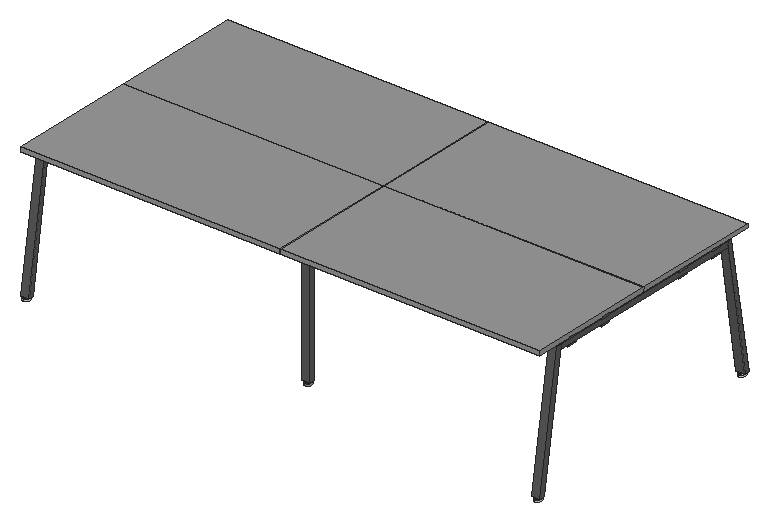
Revit family "Haworth_Tibas_Desk_BenchWorkstation_EU_PRELIMINARY", category Furniture, Revit 2019 (continued)
Definition of nested family "Haworth_Tibas_CableManagement_HorizontalCableTrayDoubleWire_PART"
  Definition of nested family "Haworth_Tibas_CableManagement_HorizontalCableTrayDoubleWire_200cm-PART"
    Forms (cm)
      Extrusion 6, solid, material <- "Trim Finish"
        sketch origin (-73.5538, -43.8373, 79.9569) x (0, 1, 0) y (0, 0, -1)
          loop
            arc (39.6242, 5.5787) -> (39.5594, 5.7352) -> (39.4029, 5.8) r 0.2213
            line (39.4029, 5.8) -> (39.1242, 5.8) -> (39.1242, 12.2277)
            arc (39.1242, 12.2277) -> (39.0591, 12.3849) -> (38.9019, 12.45) r 0.2223
            line (38.9019, 12.45) -> (24.7358, 12.45)
            arc (24.7358, 12.45) -> (24.3108, 12.025) -> (24.7358, 11.6) r 0.425
            line (24.7358, 11.6) -> (25.5117, 11.6) -> (25.5117, 11.8) -> (24.7376, 11.8)
            arc (24.7376, 11.8) -> (24.5126, 12.025) -> (24.7376, 12.25) r 0.225
            line (24.7376, 12.25) -> (38.9242, 12.25) -> (38.9242, 5.824)
            arc (38.9242, 5.824) -> (38.9898, 5.6656) -> (39.1482, 5.6) r 0.224
            line (39.1482, 5.6) -> (39.4242, 5.6) -> (39.4242, 3.0224)
            arc (39.4242, 3.0224) -> (39.4893, 2.8651) -> (39.6466, 2.8) r 0.2224
            line (39.6466, 2.8) -> (43.6542, 2.8)
        from -36.501 to -33.501
      Extrusion 7, solid, material <- "Trim Finish"
        sketch origin (-73.5538, -0.5092, 79.9725) x (0, -1, 0) y (0, 0, 1)
          loop
            line (43.6542, -2.8) -> (39.6466, -2.8)
            arc (39.6466, -2.8) -> (39.4893, -2.8651) -> (39.4242, -3.0224) r 0.2224
            line (39.4242, -3.0224) -> (39.4242, -5.6) -> (39.1482, -5.6)
            arc (39.1482, -5.6) -> (38.9898, -5.6656) -> (38.9242, -5.824) r 0.224
            line (38.9242, -5.824) -> (38.9242, -12.25) -> (24.7376, -12.25)
            arc (24.7376, -12.25) -> (24.5126, -12.025) -> (24.7376, -11.8) r 0.225
            line (24.7376, -11.8) -> (25.5117, -11.8) -> (25.5117, -11.6) -> (24.7358, -11.6)
            arc (24.7358, -11.6) -> (24.3108, -12.025) -> (24.7358, -12.45) r 0.425
            line (24.7358, -12.45) -> (38.9019, -12.45)
            arc (38.9019, -12.45) -> (39.0591, -12.3849) -> (39.1242, -12.2277) r 0.2223
            line (39.1242, -12.2277) -> (39.1242, -5.8) -> (39.4029, -5.8)
            arc (39.4029, -5.8) -> (39.5594, -5.7352) -> (39.6242, -5.5787) r 0.2213
            line (39.6242, -5.5787) -> (39.6242, -3) -> (43.6742, -3) -> (43.6742, -6) -> (43.8742, -6) -> (43.8742, -3.02)
            arc (43.8742, -3.02) -> (43.8098, -2.8644) -> (43.6542, -2.8) r 0.22
        from -36.501 to -33.501
    Cuts and joins
      Extrusion 2, Extrusion 3 cuts Extrusion 1
    Lines and regions (cm)
      Masking region 1
        outline origin (0, 0, 0) x (1, 0, 0) y (0, 1, 0)
          loop
            line (-79.1964, -4.3686) -> (-79.1964, -39.8686) -> (120.8036, -39.8686) -> (120.8036, -4.3686) -> (-79.1964, -4.3686)
    Dimensions and locks (cm)
      locked: plane 2 "Support Top" to level at 74.1363
      equal spacing: plane 3, plane 5, plane 4
      "Actual Width": plane 3 to plane 4
      equal spacing: plane 6, plane 8, plane 7 "Front"
      "Actual Depth": plane 7 "Front" to plane 6
      aligned and locked: cut or joined group of Extrusion 1, Extrusion 2, Extrusion 3 to plane 6
      aligned and locked: plane 4 to Extrusion 1
      aligned and locked: plane 3 to Extrusion 1
      aligned and locked: Masking region 1 sketch curve to plane 4
      aligned and locked: Masking region 1 sketch curve to plane 3
      aligned and locked: Masking region 1 sketch curve to plane 6
      aligned and locked: Masking region 1 sketch curve to plane 7 "Front"
    Automatic sketch dimensions
      Extrusion 1 sketch curve to plane 2 "Support Top" = 0 cm  (x2)
      Extrusion 1 sketch curve to plane 7 "Front" = 0 cm
      Extrusion 1 sketch curve to plane 6 = 0 cm
      Extrusion 1 sketch curve to plane 7 "Front" = 0.1923 cm
      Extrusion 1 sketch curve to Extrusion 1 sketch curve = 0.1959 cm
      Extrusion 1 sketch curve to Extrusion 1 sketch curve = 0.0044 cm
      Extrusion 1 sketch curve to plane 6 = 0.5112 cm
      Extrusion 1 sketch curve to Extrusion 1 sketch curve = 0.1226 cm
      Extrusion 1 sketch curve to Extrusion 1 sketch curve = 0.3062 cm
      Extrusion 1 sketch curve to plane 2 "Support Top" = 5.6934 cm
      Extrusion 1 sketch curve to Extrusion 1 sketch curve = 0.0167 cm
      Extrusion 2 sketch curve to plane 3 = 0.6223 cm
      Extrusion 2 sketch curve to Extrusion 2 sketch curve = 0.0122 cm
      Extrusion 2 sketch curve to Extrusion 2 sketch curve = 4.0955 cm
      Extrusion 2 sketch curve to plane 2 "Support Top" = 0.1965 cm  (x34)
      Extrusion 2 sketch curve to Extrusion 2 sketch curve = 0 cm  (x85)
      Extrusion 2 sketch curve to Extrusion 2 sketch curve = 0.2055 cm
      Extrusion 2 sketch curve to Extrusion 2 sketch curve = 5.7925 cm  (x28)
      Extrusion 2 sketch curve to Extrusion 2 sketch curve = 0.2075 cm  (x47)
      Extrusion 2 sketch curve to plane 5 = 5.272 cm
      plane 5 to Extrusion 2 sketch curve = 0.728 cm  (x2)
      Extrusion 2 sketch curve to Extrusion 2 sketch curve = 4.2925 cm
      Extrusion 2 sketch curve to plane 4 = 4.772 cm
      Extrusion 2 sketch curve to plane 4 = 0.272 cm  (x2)
      Extrusion 2 sketch curve to Extrusion 2 sketch curve = 3.3128 cm  (x7)
      Extrusion 2 sketch curve to Extrusion 2 sketch curve = 0.1859 cm  (x34)
      Extrusion 2 sketch curve to Extrusion 2 sketch curve = 1.7829 cm  (x19)
      Extrusion 2 sketch curve to Extrusion 2 sketch curve = 1.7963 cm
      Extrusion 2 sketch curve to Extrusion 2 sketch curve = 0.0134 cm  (x3)
      Extrusion 2 sketch curve to Extrusion 2 sketch curve = 1.8232 cm  (x2)
      Extrusion 2 sketch curve to Extrusion 2 sketch curve = 0.0269 cm
      plane 3 to Extrusion 3 sketch curve = 0.5 cm
      plane 6 to Extrusion 3 sketch curve = 0.3062 cm  (x3)
      Extrusion 3 sketch curve to Extrusion 3 sketch curve = 5.73 cm
      Extrusion 3 sketch curve to Extrusion 3 sketch curve = 0.2055 cm
      plane 7 "Front" to Extrusion 3 sketch curve = 1.5977 cm  (x31)
      Extrusion 3 sketch curve to Extrusion 3 sketch curve = 5.8055 cm  (x15)
      Extrusion 3 sketch curve to Extrusion 3 sketch curve = 0.1945 cm  (x5)
      Extrusion 3 sketch curve to Extrusion 3 sketch curve = 5.7925 cm  (x14)
      Extrusion 3 sketch curve to Extrusion 3 sketch curve = 0.2075 cm  (x21)
      Extrusion 3 sketch curve to Extrusion 3 sketch curve = 0.2204 cm  (x5)
      plane 5 to Extrusion 3 sketch curve = 3.7202 cm
      Extrusion 3 sketch curve to plane 5 = 2.2927 cm
      plane 4 to Extrusion 3 sketch curve = 0.5 cm
      Extrusion 3 sketch curve to Extrusion 3 sketch curve = 0 cm  (x32)
      Extrusion 4 sketch curve to plane 8 = 3.0171 cm
      Extrusion 4 sketch curve to Extrusion 4 sketch curve = 0.0018 cm
      Extrusion 4 sketch curve to Extrusion 4 sketch curve = 0.7759 cm
      Extrusion 4 sketch curve to plane 6 = 0.5668 cm
      Extrusion 4 sketch curve to Extrusion 4 sketch curve = 0.0223 cm
      plane 2 "Support Top" to Extrusion 4 sketch curve = 0.0206 cm
      Extrusion 4 sketch curve to Extrusion 4 sketch curve = 0.2 cm  (x3)
      Extrusion 4 sketch curve to Extrusion 4 sketch curve = 0.024 cm
      Extrusion 4 sketch curve to plane 6 = 0.0658 cm
      Extrusion 4 sketch curve to plane 6 = 0.0445 cm
      plane 6 to Extrusion 4 sketch curve = 0.1555 cm
      Extrusion 4 sketch curve to Extrusion 4 sketch curve = 0.0224 cm
      Extrusion 4 sketch curve to Extrusion 4 sketch curve = 4.0076 cm
      Extrusion 4 sketch curve to Extrusion 4 sketch curve = 0.02 cm  (x2)
      Extrusion 4 sketch curve to plane 2 "Support Top" = 0.0034 cm
      Extrusion 4 sketch curve to plane 2 "Support Top" = 0.1794 cm
      Extrusion 4 sketch curve to plane 2 "Support Top" = 5.7794 cm
      Extrusion 4 sketch curve to Extrusion 4 sketch curve = 0.225 cm
      Extrusion 4 sketch curve to Extrusion 4 sketch curve = 0 cm
      Extrusion 4 sketch curve to Extrusion 4 sketch curve = 2.5563 cm
      plane 8 to Extrusion 5 sketch curve = 3.1264 cm
      Extrusion 5 sketch curve to Extrusion 5 sketch curve = 0.0018 cm
      Extrusion 5 sketch curve to Extrusion 5 sketch curve = 0.7759 cm
      Extrusion 5 sketch curve to plane 7 "Front" = 0.4574 cm
      Extrusion 5 sketch curve to Extrusion 5 sketch curve = 0.0223 cm
      plane 2 "Support Top" to Extrusion 5 sketch curve = 0.0363 cm
      Extrusion 5 sketch curve to Extrusion 5 sketch curve = 0.2 cm  (x5)
      Extrusion 5 sketch curve to Extrusion 5 sketch curve = 0.024 cm
      plane 7 "Front" to Extrusion 5 sketch curve = 0.0435 cm
      plane 7 "Front" to Extrusion 5 sketch curve = 0.0649 cm
      Extrusion 5 sketch curve to Extrusion 5 sketch curve = 0.0224 cm
      Extrusion 5 sketch curve to Extrusion 5 sketch curve = 4.0076 cm
      Extrusion 5 sketch curve to Extrusion 5 sketch curve = 0.02 cm  (x2)
      Extrusion 5 sketch curve to Extrusion 5 sketch curve = 2.5563 cm
      Extrusion 5 sketch curve to plane 2 "Support Top" = 0.1637 cm
      Extrusion 5 sketch curve to plane 2 "Support Top" = 5.7637 cm
      Extrusion 5 sketch curve to Extrusion 5 sketch curve = 0.225 cm
      Extrusion 5 sketch curve to Extrusion 5 sketch curve = 0 cm
      Extrusion 6 sketch curve to plane 8 = 3.0171 cm
      Extrusion 6 sketch curve to Extrusion 6 sketch curve = 0.0018 cm
      Extrusion 6 sketch curve to Extrusion 6 sketch curve = 0.7759 cm
      Extrusion 6 sketch curve to plane 6 = 0.5668 cm
      Extrusion 6 sketch curve to Extrusion 6 sketch curve = 0.0223 cm
      plane 2 "Support Top" to Extrusion 6 sketch curve = 0.0206 cm
      Extrusion 6 sketch curve to Extrusion 6 sketch curve = 0.2 cm  (x4)
      Extrusion 6 sketch curve to Extrusion 6 sketch curve = 0.024 cm
      Extrusion 6 sketch curve to plane 6 = 0.0658 cm
      Extrusion 6 sketch curve to plane 6 = 0.0445 cm
      plane 6 to Extrusion 6 sketch curve = 0.1555 cm
      Extrusion 6 sketch curve to Extrusion 6 sketch curve = 0.0224 cm
      Extrusion 6 sketch curve to Extrusion 6 sketch curve = 4.0076 cm
      Extrusion 6 sketch curve to Extrusion 6 sketch curve = 0.02 cm  (x2)
      Extrusion 6 sketch curve to Extrusion 6 sketch curve = 2.5563 cm
      Extrusion 6 sketch curve to plane 2 "Support Top" = 0.1794 cm
      Extrusion 6 sketch curve to plane 2 "Support Top" = 5.7794 cm
      Extrusion 6 sketch curve to Extrusion 6 sketch curve = 0.225 cm
      Extrusion 6 sketch curve to Extrusion 6 sketch curve = 0 cm
      plane 8 to Extrusion 7 sketch curve = 3.1264 cm
      Extrusion 7 sketch curve to Extrusion 7 sketch curve = 0.0018 cm
      Extrusion 7 sketch curve to Extrusion 7 sketch curve = 0.7759 cm
      Extrusion 7 sketch curve to plane 7 "Front" = 0.4574 cm
      Extrusion 7 sketch curve to Extrusion 7 sketch curve = 0.0223 cm
      plane 2 "Support Top" to Extrusion 7 sketch curve = 0.0363 cm
      Extrusion 7 sketch curve to Extrusion 7 sketch curve = 0.2 cm  (x4)
      Extrusion 7 sketch curve to Extrusion 7 sketch curve = 0.024 cm
      plane 7 "Front" to Extrusion 7 sketch curve = 0.0435 cm
      plane 7 "Front" to Extrusion 7 sketch curve = 0.0649 cm
      Extrusion 7 sketch curve to Extrusion 7 sketch curve = 0.0224 cm
      Extrusion 7 sketch curve to Extrusion 7 sketch curve = 4.0076 cm
      Extrusion 7 sketch curve to Extrusion 7 sketch curve = 0.02 cm  (x2)
      plane 2 "Support Top" to Extrusion 7 sketch curve = 0.0123 cm
      Extrusion 7 sketch curve to plane 2 "Support Top" = 0.1637 cm
      Extrusion 7 sketch curve to plane 2 "Support Top" = 5.7637 cm
      Extrusion 7 sketch curve to Extrusion 7 sketch curve = 0.225 cm
      Extrusion 7 sketch curve to Extrusion 7 sketch curve = 0 cm
      Extrusion 7 sketch curve to Extrusion 7 sketch curve = 2.5563 cm
  Definition of nested family "Haworth_Tibas_CableManagement_HorizontalCableTrayDoubleWire_140cm-PART"
    Parameters (values of type "Wire Basket Double - 140cm")
      Warranty = "http://www.haworth.com/resources/product-info/warranties"
      Void Width = 20 cm  # constant formula
      URL = "www.haworth.com"
      Trim Finish = none
      Size = "Verify Final Dim. w/ Haworth"  # constant formula
      Revision Number = "1"  # constant formula
      Model = "Haworth -  Wire Basket "  # constant formula
      Manufacturer = "Haworth"  # constant formula
      Description = "Haworth -  Wire Basket 140cm "  # constant formula
      Cable Tray Finish = none
      Author = "Haworth (Abd Rahman)"  # constant formula
      Assembly Code = "E2020200"
      Actual Width = 140 cm  # constant formula
      Actual Depth = 35.5 cm  # constant formula
    Reference planes (cm)
      plane 1: z = 0
      plane 2 "Support Top": z = 74.1363
      plane 3: x = 20.8036
      plane 4: y = -4.3686
      plane 5 "Front": y = -39.8686
      plane 6: y = -22.1186
      plane 7: x = -49.1964
      plane 8: x = 90.8036
    Forms (cm)
      Extrusion 1, solid, material <- "Cable Tray Finish"
        sketch origin (-68.41, -24.7371, 0) x (0, 1, 0) y (0, 0, -1)
          loop
            line (-14.9392, -74.1362) -> (-14.9392, -68.4381)
            arc (-14.9392, -68.4381) -> (-14.8805, -68.2965) -> (-14.7389, -68.2378) r 0.2003
            line (-14.7389, -68.2378) -> (19.8574, -68.2378)
            arc (19.8574, -68.2378) -> (20.0023, -68.2979) -> (20.0623, -68.4428) r 0.205
            line (20.0623, -68.4428) -> (20.0623, -74.1362) -> (20.3686, -74.1362) -> (20.3686, -68.4261)
            arc (20.3686, -68.4261) -> (20.2547, -68.1513) -> (19.9799, -68.0374) r 0.3886
            line (19.9799, -68.0374) -> (-14.7433, -68.0374)
            arc (-14.7433, -68.0374) -> (-15.0178, -68.1511) -> (-15.1314, -68.4255) r 0.3881
            line (-15.1314, -68.4255) -> (-15.1314, -74.1362) -> (-14.9392, -74.1362)
        from -159.2136 to -19.2136
      Extrusion 2, void
        sketch origin (0, -2.9666, 0) x (1, 0, 0) y (0, 0, -1)
          loop
            line (-48.886, -73.9397) -> (-44.4684, -73.9397) -> (-44.4684, -70.6269) -> (-48.886, -70.6269) -> (-48.886, -73.9397)
          loop
            line (-44.4684, -70.4411) -> (-44.4684, -68.6179) -> (-48.886, -68.6179) -> (-48.886, -70.4411) -> (-44.4684, -70.4411)
          loop
            line (-44.261, -73.9397) -> (-38.4684, -73.9397) -> (-38.4684, -70.6269) -> (-44.261, -70.6269) -> (-44.261, -73.9397)
          loop
            line (-38.4684, -70.4411) -> (-38.4684, -68.6448) -> (-44.261, -68.6448) -> (-44.261, -70.4411) -> (-38.4684, -70.4411)
          loop
            line (-38.261, -73.9397) -> (-32.4684, -73.9397) -> (-32.4684, -70.6269) -> (-38.261, -70.6269) -> (-38.261, -73.9397)
          loop
            line (-32.4684, -70.4411) -> (-32.4684, -68.6448) -> (-38.261, -68.6448) -> (-38.261, -70.4411) -> (-32.4684, -70.4411)
          loop
            line (-32.261, -73.9397) -> (-26.4684, -73.9397) -> (-26.4684, -70.6269) -> (-32.261, -70.6269) -> (-32.261, -73.9397)
          loop
            line (-26.4684, -70.4411) -> (-26.4684, -68.6448) -> (-32.261, -68.6448) -> (-32.261, -70.4411) -> (-26.4684, -70.4411)
          loop
            line (-26.261, -73.9397) -> (-20.4684, -73.9397) -> (-20.4684, -70.6269) -> (-26.261, -70.6269) -> (-26.261, -73.9397)
          loop
            line (-20.4684, -70.4411) -> (-20.4684, -68.6582) -> (-26.261, -68.6582) -> (-26.261, -70.4411) -> (-20.4684, -70.4411)
          loop
            line (-20.261, -73.9397) -> (-14.4684, -73.9397) -> (-14.4684, -70.6269) -> (-20.261, -70.6269) -> (-20.261, -73.9397)
          loop
            line (-14.4684, -70.4411) -> (-14.4684, -68.6582) -> (-20.261, -68.6582) -> (-20.261, -70.4411) -> (-14.4684, -70.4411)
          loop
            line (-14.261, -73.9397) -> (-8.4684, -73.9397) -> (-8.4684, -70.6269) -> (-14.261, -70.6269) -> (-14.261, -73.9397)
          loop
            line (-8.4684, -70.4411) -> (-8.4684, -68.6582) -> (-14.261, -68.6582) -> (-14.261, -70.4411) -> (-8.4684, -70.4411)
          loop
            line (-8.261, -73.9397) -> (-2.4684, -73.9397) -> (-2.4684, -70.6269) -> (-8.261, -70.6269) -> (-8.261, -73.9397)
          loop
            line (-2.4684, -70.4411) -> (-2.4684, -68.6448) -> (-8.261, -68.6448) -> (-8.261, -70.4411) -> (-2.4684, -70.4411)
          loop
            line (-2.261, -73.9397) -> (3.5316, -73.9397) -> (3.5316, -70.6269) -> (-2.261, -70.6269) -> (-2.261, -73.9397)
          loop
            line (3.5316, -70.4411) -> (3.5316, -68.6582) -> (-2.261, -68.6582) -> (-2.261, -70.4411) -> (3.5316, -70.4411)
          loop
            line (3.739, -73.9397) -> (9.5316, -73.9397) -> (9.5316, -70.6269) -> (3.739, -70.6269) -> (3.739, -73.9397)
          loop
            line (9.5316, -70.4411) -> (9.5316, -68.6582) -> (3.739, -68.6582) -> (3.739, -70.4411) -> (9.5316, -70.4411)
          loop
            line (9.739, -73.9397) -> (15.5316, -73.9397) -> (15.5316, -70.6269) -> (9.739, -70.6269) -> (9.739, -73.9397)
          loop
            line (15.5316, -70.4411) -> (15.5316, -68.6582) -> (9.739, -68.6582) -> (9.739, -70.4411) -> (15.5316, -70.4411)
          loop
            line (15.739, -73.9397) -> (21.5316, -73.9397) -> (21.5316, -70.6269) -> (15.739, -70.6269) -> (15.739, -73.9397)
          loop
            line (21.5316, -70.4411) -> (21.5316, -68.6582) -> (15.739, -68.6582) -> (15.739, -70.4411) -> (21.5316, -70.4411)
          loop
            line (21.739, -73.9397) -> (27.5316, -73.9397) -> (27.5316, -70.6269) -> (21.739, -70.6269) -> (21.739, -73.9397)
          loop
            line (27.5316, -70.4411) -> (27.5316, -68.6582) -> (21.739, -68.6582) -> (21.739, -70.4411) -> (27.5316, -70.4411)
          loop
            line (27.739, -73.9397) -> (33.5316, -73.9397) -> (33.5316, -70.6269) -> (27.739, -70.6269) -> (27.739, -73.9397)
          loop
            line (33.5316, -70.4411) -> (33.5316, -68.6448) -> (27.739, -68.6448) -> (27.739, -70.4411) -> (33.5316, -70.4411)
          loop
            line (33.739, -73.9397) -> (39.5316, -73.9397) -> (39.5316, -70.6269) -> (33.739, -70.6269) -> (33.739, -73.9397)
          loop
            line (39.5316, -70.4411) -> (39.5316, -68.6582) -> (33.739, -68.6582) -> (33.739, -70.4411) -> (39.5316, -70.4411)
          loop
            line (39.739, -73.9397) -> (45.5316, -73.9397) -> (45.5316, -70.6269) -> (39.739, -70.6269) -> (39.739, -73.9397)
          loop
            line (45.5316, -70.4411) -> (45.5316, -68.6582) -> (39.739, -68.6582) -> (39.739, -70.4411) -> (45.5316, -70.4411)
          loop
            line (45.739, -73.9397) -> (51.5316, -73.9397) -> (51.5316, -70.6269) -> (45.739, -70.6269) -> (45.739, -73.9397)
          loop
            line (51.5316, -70.4411) -> (51.5316, -68.6582) -> (45.739, -68.6582) -> (45.739, -70.4411) -> (51.5316, -70.4411)
          loop
            line (51.739, -73.9397) -> (57.5316, -73.9397) -> (57.5316, -70.6269) -> (51.739, -70.6269) -> (51.739, -73.9397)
          loop
            line (57.5316, -70.4411) -> (57.5316, -68.6582) -> (51.739, -68.6582) -> (51.739, -70.4411) -> (57.5316, -70.4411)
          loop
            line (57.739, -73.9397) -> (63.5316, -73.9397) -> (63.5316, -70.6269) -> (57.739, -70.6269) -> (57.739, -73.9397)
          loop
            line (63.5316, -70.4411) -> (63.5316, -68.6582) -> (57.739, -68.6582) -> (57.739, -70.4411) -> (63.5316, -70.4411)
          loop
            line (63.739, -73.9397) -> (69.5316, -73.9397) -> (69.5316, -70.6269) -> (63.739, -70.6269) -> (63.739, -73.9397)
          loop
            line (69.5316, -70.4411) -> (69.5316, -68.6448) -> (63.739, -68.6448) -> (63.739, -70.4411) -> (69.5316, -70.4411)
          loop
            line (69.739, -73.9397) -> (75.5316, -73.9397) -> (75.5316, -70.6269) -> (69.739, -70.6269) -> (69.739, -73.9397)
          loop
            line (75.5316, -70.4411) -> (75.5316, -68.6582) -> (69.739, -68.6582) -> (69.739, -70.4411) -> (75.5316, -70.4411)
          loop
            line (75.739, -73.9397) -> (81.5316, -73.9397) -> (81.5316, -70.6269) -> (75.739, -70.6269) -> (75.739, -73.9397)
          loop
            line (81.5316, -70.4411) -> (81.5316, -68.6582) -> (75.739, -68.6582) -> (75.739, -70.4411) -> (81.5316, -70.4411)
          loop
            line (81.739, -73.9397) -> (90.4066, -73.9397) -> (90.4066, -70.6269) -> (81.739, -70.6269) -> (81.739, -73.9397)
          loop
            line (90.4066, -70.4411) -> (90.4066, -68.6582) -> (81.739, -68.6582) -> (81.739, -70.4411) -> (90.4066, -70.4411)
        from -41.2076 to 0.5784
      Extrusion 3, void
        sketch origin (0, -24.7371, 0) x (1, 0, 0) y (0, 1, 0)
          loop
            line (-58.511, -13.5337) -> (-54.9555, -13.5337) -> (-54.9555, 20.0623) -> (-58.511, 20.0623) -> (-58.511, -13.5337)
          loop
            line (-54.761, -13.5337) -> (-48.9684, -13.5337) -> (-48.9684, 20.0623) -> (-54.761, 20.0623) -> (-54.761, -13.5337)
          loop
            line (-48.761, -13.5337) -> (-42.9555, -13.5337) -> (-42.9555, 20.0623) -> (-48.761, 20.0623) -> (-48.761, -13.5337)
          loop
            line (-42.761, -13.5337) -> (-36.9684, -13.5337) -> (-36.9684, 20.0623) -> (-42.761, 20.0623) -> (-42.761, -13.5337)
          loop
            line (-36.761, -13.5337) -> (-30.9555, -13.5337) -> (-30.9555, 20.0623) -> (-36.761, 20.0623) -> (-36.761, -13.5337)
          loop
            line (-30.761, -13.5337) -> (-24.9684, -13.5337) -> (-24.9684, 20.0623) -> (-30.761, 20.0623) -> (-30.761, -13.5337)
          loop
            line (-24.761, -13.5337) -> (-18.9555, -13.5337) -> (-18.9555, 20.0623) -> (-24.761, 20.0623) -> (-24.761, -13.5337)
          loop
            line (-18.761, -13.5337) -> (-12.9684, -13.5337) -> (-12.9684, 20.0623) -> (-18.761, 20.0623) -> (-18.761, -13.5337)
          loop
            line (-12.761, -13.5337) -> (-6.9555, -13.5337) -> (-6.9555, 20.0623) -> (-12.761, 20.0623) -> (-12.761, -13.5337)
          loop
            line (-6.748, -13.5337) -> (-0.9555, -13.5337) -> (-0.9555, 20.0623) -> (-6.748, 20.0623) -> (-6.748, -13.5337)
          loop
            line (-0.748, -13.5337) -> (5.0575, -13.5337) -> (5.0575, 20.0623) -> (-0.748, 20.0623) -> (-0.748, -13.5337)
          loop
            line (5.2779, -13.5337) -> (11.0704, -13.5337) -> (11.0704, 20.0623) -> (5.2779, 20.0623) -> (5.2779, -13.5337)
          loop
            line (11.2779, -13.5337) -> (17.0834, -13.5337) -> (17.0834, 20.0623) -> (11.2779, 20.0623) -> (11.2779, -13.5337)
          loop
            line (17.2908, -13.5337) -> (23.0963, -13.5337) -> (23.0963, 20.0623) -> (17.2908, 20.0623) -> (17.2908, -13.5337)
          loop
            line (23.3038, -13.5337) -> (29.0963, -13.5337) -> (29.0963, 20.0623) -> (23.3038, 20.0623) -> (23.3038, -13.5337)
          loop
            line (29.3038, -13.5337) -> (35.1093, -13.5337) -> (35.1093, 20.0623) -> (29.3038, 20.0623) -> (29.3038, -13.5337)
          loop
            line (35.3297, -13.5337) -> (41.1222, -13.5337) -> (41.1222, 20.0623) -> (35.3297, 20.0623) -> (35.3297, -13.5337)
          loop
            line (41.3297, -13.5337) -> (47.1351, -13.5337) -> (47.1351, 20.0623) -> (41.3297, 20.0623) -> (41.3297, -13.5337)
          loop
            line (47.3426, -13.5337) -> (53.1481, -13.5337) -> (53.1481, 20.0623) -> (47.3426, 20.0623) -> (47.3426, -13.5337)
          loop
            line (53.3556, -13.5337) -> (59.1481, -13.5337) -> (59.1481, 20.0623) -> (53.3556, 20.0623) -> (53.3556, -13.5337)
          loop
            line (59.3556, -13.5337) -> (65.161, -13.5337) -> (65.161, 20.0623) -> (59.3556, 20.0623) -> (59.3556, -13.5337)
          loop
            line (65.3815, -13.5337) -> (71.174, -13.5337) -> (71.174, 20.0623) -> (65.3815, 20.0623) -> (65.3815, -13.5337)
          loop
            line (71.3815, -13.5337) -> (77.1869, -13.5337) -> (77.1869, 20.0623) -> (71.3815, 20.0623) -> (71.3815, -13.5337)
          loop
            line (77.3944, -13.5337) -> (83.1999, -13.5337) -> (83.1999, 20.0623) -> (77.3944, 20.0623) -> (77.3944, -13.5337)
          loop
            line (83.4074, -13.5337) -> (89.1999, -13.5337) -> (89.1999, 20.0623) -> (83.4074, 20.0623) -> (83.4074, -13.5337)
          loop
            line (89.4074, -13.5337) -> (95.2128, -13.5337) -> (95.2128, 20.0623) -> (89.4074, 20.0623) -> (89.4074, -13.5337)
          loop
            line (95.4333, -13.5337) -> (100.1181, -13.5337) -> (100.1181, 20.0623) -> (95.4333, 20.0623) -> (95.4333, -13.5337)
        from 0 to 76.0995
      Extrusion 4, solid, material <- "Trim Finish"
        sketch origin (103.161, -43.8455, 80.0038) x (0, 1, 0) y (0, 0, 1)
          loop
            line (43.6542, -2.8) -> (39.6466, -2.8)
            arc (39.6466, -2.8) -> (39.4893, -2.8651) -> (39.4242, -3.0224) r 0.2224
            line (39.4242, -3.0224) -> (39.4242, -5.6) -> (39.1482, -5.6)
            arc (39.1482, -5.6) -> (38.9898, -5.6656) -> (38.9242, -5.824) r 0.224
            line (38.9242, -5.824) -> (38.9242, -12.25) -> (24.7376, -12.25)
            arc (24.7376, -12.25) -> (24.5126, -12.025) -> (24.7376, -11.8) r 0.225
            line (24.7376, -11.8) -> (25.5117, -11.8) -> (25.5117, -11.6) -> (24.7358, -11.6)
            arc (24.7358, -11.6) -> (24.3108, -12.025) -> (24.7358, -12.45) r 0.425
            line (24.7358, -12.45) -> (38.9019, -12.45)
            arc (38.9019, -12.45) -> (39.0591, -12.3849) -> (39.1242, -12.2277) r 0.2223
            line (39.1242, -12.2277) -> (39.1242, -5.8) -> (39.4029, -5.8)
            arc (39.4029, -5.8) -> (39.5594, -5.7352) -> (39.6242, -5.5787) r 0.2213
            line (39.6242, -5.5787) -> (39.6242, -3) -> (43.6742, -3) -> (43.6742, -6) -> (43.8742, -6) -> (43.8742, -3.02)
            arc (43.8742, -3.02) -> (43.8098, -2.8644) -> (43.6542, -2.8) r 0.22
        from -36.501 to -33.501
      Extrusion 5, solid, material <- "Trim Finish"
        sketch origin (103.161, -0.3917, 80.0038) x (0, -1, 0) y (0, 0, -1)
          loop
            arc (43.6542, 2.8) -> (43.8098, 2.8644) -> (43.8742, 3.02) r 0.22
            line (43.8742, 3.02) -> (43.8742, 6) -> (43.6742, 6) -> (43.6742, 3) -> (39.6242, 3) -> (39.6242, 5.5787)
            arc (39.6242, 5.5787) -> (39.5594, 5.7352) -> (39.4029, 5.8) r 0.2213
            line (39.4029, 5.8) -> (39.1242, 5.8) -> (39.1242, 12.2277)
            arc (39.1242, 12.2277) -> (39.0591, 12.3849) -> (38.9019, 12.45) r 0.2223
            line (38.9019, 12.45) -> (24.7358, 12.45)
            arc (24.7358, 12.45) -> (24.3108, 12.025) -> (24.7358, 11.6) r 0.425
            line (24.7358, 11.6) -> (25.5117, 11.6) -> (25.5117, 11.8) -> (24.7376, 11.8)
            arc (24.7376, 11.8) -> (24.5126, 12.025) -> (24.7376, 12.25) r 0.225
            line (24.7376, 12.25) -> (38.9242, 12.25) -> (38.9242, 5.824)
            arc (38.9242, 5.824) -> (38.9898, 5.6656) -> (39.1482, 5.6) r 0.224
            line (39.1482, 5.6) -> (39.4242, 5.6) -> (39.4242, 3.0224)
            arc (39.4242, 3.0224) -> (39.4893, 2.8651) -> (39.6466, 2.8) r 0.2224
            line (39.6466, 2.8) -> (43.6542, 2.8)
        from -36.501 to -33.501
      Extrusion 6, solid, material <- "Trim Finish"
        sketch origin (-62.5538, -43.8455, 80.0038) x (0, 1, 0) y (0, 0, -1)
          loop
            arc (43.6542, 2.8) -> (43.8098, 2.8644) -> (43.8742, 3.02) r 0.22
            line (43.8742, 3.02) -> (43.8742, 6) -> (43.6742, 6) -> (43.6742, 3) -> (39.6242, 3) -> (39.6242, 5.5787)
            arc (39.6242, 5.5787) -> (39.5594, 5.7352) -> (39.4029, 5.8) r 0.2213
            line (39.4029, 5.8) -> (39.1242, 5.8) -> (39.1242, 12.2277)
            arc (39.1242, 12.2277) -> (39.0591, 12.3849) -> (38.9019, 12.45) r 0.2223
            line (38.9019, 12.45) -> (24.7358, 12.45)
            arc (24.7358, 12.45) -> (24.3108, 12.025) -> (24.7358, 11.6) r 0.425
            line (24.7358, 11.6) -> (25.5117, 11.6) -> (25.5117, 11.8) -> (24.7376, 11.8)
            arc (24.7376, 11.8) -> (24.5126, 12.025) -> (24.7376, 12.25) r 0.225
            line (24.7376, 12.25) -> (38.9242, 12.25) -> (38.9242, 5.824)
            arc (38.9242, 5.824) -> (38.9898, 5.6656) -> (39.1482, 5.6) r 0.224
            line (39.1482, 5.6) -> (39.4242, 5.6) -> (39.4242, 3.0224)
            arc (39.4242, 3.0224) -> (39.4893, 2.8651) -> (39.6466, 2.8) r 0.2224
            line (39.6466, 2.8) -> (43.6542, 2.8)
        from -36.501 to -33.501
      Extrusion 7, solid, material <- "Trim Finish"
        sketch origin (-62.5538, -0.3917, 80.0038) x (0, -1, 0) y (0, 0, 1)
          loop
            line (43.6542, -2.8) -> (39.6466, -2.8)
            arc (39.6466, -2.8) -> (39.4893, -2.8651) -> (39.4242, -3.0224) r 0.2224
            line (39.4242, -3.0224) -> (39.4242, -5.6) -> (39.1482, -5.6)
            arc (39.1482, -5.6) -> (38.9898, -5.6656) -> (38.9242, -5.824) r 0.224
            line (38.9242, -5.824) -> (38.9242, -12.25) -> (24.7376, -12.25)
            arc (24.7376, -12.25) -> (24.5126, -12.025) -> (24.7376, -11.8) r 0.225
            line (24.7376, -11.8) -> (25.5117, -11.8) -> (25.5117, -11.6) -> (24.7358, -11.6)
            arc (24.7358, -11.6) -> (24.3108, -12.025) -> (24.7358, -12.45) r 0.425
            line (24.7358, -12.45) -> (38.9019, -12.45)
            arc (38.9019, -12.45) -> (39.0591, -12.3849) -> (39.1242, -12.2277) r 0.2223
            line (39.1242, -12.2277) -> (39.1242, -5.8) -> (39.4029, -5.8)
            arc (39.4029, -5.8) -> (39.5594, -5.7352) -> (39.6242, -5.5787) r 0.2213
            line (39.6242, -5.5787) -> (39.6242, -3) -> (43.6742, -3) -> (43.6742, -6) -> (43.8742, -6) -> (43.8742, -3.02)
            arc (43.8742, -3.02) -> (43.8098, -2.8644) -> (43.6542, -2.8) r 0.22
        from -36.501 to -33.501
    Cuts and joins
      Extrusion 2, Extrusion 3 cuts Extrusion 1
    Lines and regions (cm)
      Masking region 1
        outline origin (0, 0, 0) x (1, 0, 0) y (0, 1, 0)
          loop
            line (-49.1964, -4.3686) -> (-49.1964, -39.8686) -> (90.8036, -39.8686) -> (90.8036, -4.3686) -> (-49.1964, -4.3686)
    Dimensions and locks (cm)
      locked: plane 2 "Support Top" to level at 74.1363
      equal spacing: plane 4, plane 6, plane 5 "Front"
      "Actual Depth": plane 5 "Front" to plane 4
      equal spacing: plane 7, plane 3, plane 8
      "Actual Width": plane 7 to plane 8
      aligned and locked: plane 4 to cut or joined group of Extrusion 1, Extrusion 2, Extrusion 3
      aligned and locked: Masking region 1 sketch curve to plane 4
      aligned and locked: Masking region 1 sketch curve to plane 5 "Front"
      aligned and locked: cut or joined group of Extrusion 1, Extrusion 2, Extrusion 3 to plane 7
      aligned and locked: Masking region 1 to plane 7
      aligned and locked: cut or joined group of Extrusion 1, Extrusion 2, Extrusion 3 to plane 8
      aligned and locked: Masking region 1 to plane 8
    Automatic sketch dimensions
      Extrusion 1 sketch curve to plane 2 "Support Top" = 0 cm  (x2)
      Extrusion 1 sketch curve to plane 5 "Front" = 0 cm
      Extrusion 1 sketch curve to plane 4 = 0 cm
      Extrusion 1 sketch curve to plane 5 "Front" = 0.1923 cm
      Extrusion 1 sketch curve to Extrusion 1 sketch curve = 0.1959 cm
      Extrusion 1 sketch curve to Extrusion 1 sketch curve = 0.0044 cm
      Extrusion 1 sketch curve to plane 4 = 0.5112 cm
      Extrusion 1 sketch curve to Extrusion 1 sketch curve = 0.1226 cm
      Extrusion 1 sketch curve to Extrusion 1 sketch curve = 0.3062 cm
      Extrusion 1 sketch curve to plane 2 "Support Top" = 5.6934 cm
      Extrusion 1 sketch curve to Extrusion 1 sketch curve = 0.0167 cm
      plane 7 to Extrusion 2 sketch curve = 0.3105 cm
      Extrusion 2 sketch curve to Extrusion 2 sketch curve = 0 cm  (x58)
      Extrusion 2 sketch curve to plane 2 "Support Top" = 0.1965 cm  (x23)
      Extrusion 2 sketch curve to Extrusion 2 sketch curve = 4.4175 cm
      Extrusion 2 sketch curve to Extrusion 2 sketch curve = 0.2075 cm  (x28)
      Extrusion 2 sketch curve to Extrusion 2 sketch curve = 5.7925 cm  (x19)
      Extrusion 2 sketch curve to plane 3 = 5.272 cm
      plane 3 to Extrusion 2 sketch curve = 0.728 cm  (x2)
      Extrusion 2 sketch curve to plane 8 = 0.397 cm  (x2)
      Extrusion 2 sketch curve to Extrusion 2 sketch curve = 3.3128 cm  (x5)
      Extrusion 2 sketch curve to Extrusion 2 sketch curve = 0.1859 cm  (x23)
      Extrusion 2 sketch curve to Extrusion 2 sketch curve = 1.7829 cm  (x14)
      Extrusion 2 sketch curve to Extrusion 2 sketch curve = 0.0134 cm  (x3)
      Extrusion 2 sketch curve to Extrusion 2 sketch curve = 1.7963 cm  (x3)
      Extrusion 2 sketch curve to Extrusion 2 sketch curve = 1.8232 cm
      plane 4 to Extrusion 3 sketch curve = 0.3062 cm  (x15)
      plane 7 to Extrusion 3 sketch curve = 9.3145 cm
      Extrusion 3 sketch curve to Extrusion 3 sketch curve = 3.5555 cm
      Extrusion 3 sketch curve to Extrusion 3 sketch curve = 0.1945 cm  (x4)
      Extrusion 3 sketch curve to plane 7 = 0.228 cm
      Extrusion 3 sketch curve to Extrusion 3 sketch curve = 0.2075 cm  (x18)
      Extrusion 3 sketch curve to Extrusion 3 sketch curve = 5.8055 cm  (x11)
      plane 5 "Front" to Extrusion 3 sketch curve = 1.5977 cm  (x12)
      Extrusion 3 sketch curve to Extrusion 3 sketch curve = 5.7925 cm  (x9)
      Extrusion 3 sketch curve to Extrusion 3 sketch curve = 0.2204 cm  (x4)
      plane 3 to Extrusion 3 sketch curve = 3.7202 cm
      Extrusion 3 sketch curve to plane 3 = 2.2927 cm
      plane 8 to Extrusion 3 sketch curve = 1.6037 cm
      Extrusion 3 sketch curve to plane 8 = 4.4093 cm
      Extrusion 3 sketch curve to Extrusion 3 sketch curve = 4.6848 cm
      Extrusion 3 sketch curve to Extrusion 3 sketch curve = 0 cm  (x27)
      Masking region 1 sketch curve to plane 7 = 0 cm
      Masking region 1 sketch curve to plane 8 = 0 cm
      Extrusion 4 sketch curve to plane 6 = 3.0089 cm
      Extrusion 4 sketch curve to Extrusion 4 sketch curve = 0.0018 cm
      Extrusion 4 sketch curve to Extrusion 4 sketch curve = 0.7759 cm
      Extrusion 4 sketch curve to plane 4 = 0.575 cm
      Extrusion 4 sketch curve to Extrusion 4 sketch curve = 0.0223 cm
      plane 2 "Support Top" to Extrusion 4 sketch curve = 0.0675 cm
      Extrusion 4 sketch curve to Extrusion 4 sketch curve = 0.2 cm  (x3)
      Extrusion 4 sketch curve to Extrusion 4 sketch curve = 0.024 cm  (x2)
      Extrusion 4 sketch curve to plane 4 = 0.074 cm
      Extrusion 4 sketch curve to plane 4 = 0.0527 cm
      plane 4 to Extrusion 4 sketch curve = 0.1473 cm
      Extrusion 4 sketch curve to Extrusion 4 sketch curve = 0.0224 cm
      Extrusion 4 sketch curve to Extrusion 4 sketch curve = 4.0076 cm
      Extrusion 4 sketch curve to Extrusion 4 sketch curve = 0.02 cm  (x2)
      Extrusion 4 sketch curve to plane 2 "Support Top" = 0.1325 cm
      Extrusion 4 sketch curve to plane 2 "Support Top" = 5.7325 cm
      Extrusion 4 sketch curve to Extrusion 4 sketch curve = 0.225 cm
      Extrusion 4 sketch curve to Extrusion 4 sketch curve = 0 cm
      Extrusion 4 sketch curve to Extrusion 4 sketch curve = 2.5563 cm
      plane 6 to Extrusion 5 sketch curve = 3.0089 cm
      Extrusion 5 sketch curve to Extrusion 5 sketch curve = 0.0018 cm
      Extrusion 5 sketch curve to Extrusion 5 sketch curve = 0.7759 cm
      Extrusion 5 sketch curve to plane 5 "Front" = 0.575 cm
      Extrusion 5 sketch curve to Extrusion 5 sketch curve = 0.0223 cm
      plane 2 "Support Top" to Extrusion 5 sketch curve = 0.0675 cm
      Extrusion 5 sketch curve to Extrusion 5 sketch curve = 0.2 cm  (x4)
      Extrusion 5 sketch curve to Extrusion 5 sketch curve = 0.024 cm
      Extrusion 5 sketch curve to plane 5 "Front" = 0.074 cm
      Extrusion 5 sketch curve to plane 5 "Front" = 0.0527 cm
      plane 5 "Front" to Extrusion 5 sketch curve = 0.1473 cm
      Extrusion 5 sketch curve to Extrusion 5 sketch curve = 0.0224 cm
      Extrusion 5 sketch curve to Extrusion 5 sketch curve = 4.0076 cm
      Extrusion 5 sketch curve to Extrusion 5 sketch curve = 0.02 cm  (x2)
      Extrusion 5 sketch curve to Extrusion 5 sketch curve = 2.5563 cm
      Extrusion 5 sketch curve to plane 2 "Support Top" = 0.1325 cm
      Extrusion 5 sketch curve to plane 2 "Support Top" = 5.7325 cm
      Extrusion 5 sketch curve to Extrusion 5 sketch curve = 0.225 cm
      Extrusion 5 sketch curve to Extrusion 5 sketch curve = 0 cm
      Extrusion 6 sketch curve to plane 6 = 3.0089 cm
      Extrusion 6 sketch curve to Extrusion 6 sketch curve = 0.0018 cm
      Extrusion 6 sketch curve to Extrusion 6 sketch curve = 0.7759 cm
      Extrusion 6 sketch curve to plane 4 = 0.575 cm
      Extrusion 6 sketch curve to Extrusion 6 sketch curve = 0.0223 cm
      plane 2 "Support Top" to Extrusion 6 sketch curve = 0.0675 cm
      Extrusion 6 sketch curve to Extrusion 6 sketch curve = 0.2 cm  (x4)
      Extrusion 6 sketch curve to Extrusion 6 sketch curve = 0.024 cm
      Extrusion 6 sketch curve to plane 4 = 0.074 cm
      Extrusion 6 sketch curve to plane 4 = 0.0527 cm
      plane 4 to Extrusion 6 sketch curve = 0.1473 cm
      Extrusion 6 sketch curve to Extrusion 6 sketch curve = 0.0224 cm
      Extrusion 6 sketch curve to Extrusion 6 sketch curve = 4.0076 cm
      Extrusion 6 sketch curve to Extrusion 6 sketch curve = 0.02 cm  (x2)
      Extrusion 6 sketch curve to Extrusion 6 sketch curve = 2.5563 cm
      Extrusion 6 sketch curve to plane 2 "Support Top" = 0.1325 cm
      Extrusion 6 sketch curve to plane 2 "Support Top" = 5.7325 cm
      Extrusion 6 sketch curve to Extrusion 6 sketch curve = 0.225 cm
      Extrusion 6 sketch curve to Extrusion 6 sketch curve = 0 cm
      plane 6 to Extrusion 7 sketch curve = 3.0089 cm
      Extrusion 7 sketch curve to Extrusion 7 sketch curve = 0.0018 cm
      Extrusion 7 sketch curve to Extrusion 7 sketch curve = 0.7759 cm
      Extrusion 7 sketch curve to plane 5 "Front" = 0.575 cm
      Extrusion 7 sketch curve to Extrusion 7 sketch curve = 0.0223 cm
      plane 2 "Support Top" to Extrusion 7 sketch curve = 0.0675 cm
      Extrusion 7 sketch curve to Extrusion 7 sketch curve = 0.2 cm  (x3)
      Extrusion 7 sketch curve to Extrusion 7 sketch curve = 0.024 cm  (x2)
      Extrusion 7 sketch curve to plane 5 "Front" = 0.074 cm
      Extrusion 7 sketch curve to plane 5 "Front" = 0.0527 cm
      plane 5 "Front" to Extrusion 7 sketch curve = 0.1473 cm
      Extrusion 7 sketch curve to Extrusion 7 sketch curve = 0.0224 cm
      Extrusion 7 sketch curve to Extrusion 7 sketch curve = 4.0076 cm
      Extrusion 7 sketch curve to Extrusion 7 sketch curve = 0.02 cm  (x2)
      Extrusion 7 sketch curve to plane 2 "Support Top" = 0.1325 cm
      Extrusion 7 sketch curve to plane 2 "Support Top" = 5.7325 cm
      Extrusion 7 sketch curve to Extrusion 7 sketch curve = 0.225 cm
      Extrusion 7 sketch curve to Extrusion 7 sketch curve = 0 cm
      Extrusion 7 sketch curve to Extrusion 7 sketch curve = 2.5563 cm
  Definition of nested family "Haworth_Tibas_CableManagement_HorizontalCableTrayDoubleWire_120cm-PART"
    Parameters (values of type "Wire Basket Double - 120cm")
      Warranty = "http://www.haworth.com/resources/product-info/warranties"
      Void Width = 20 cm  # constant formula
      URL = "www.haworth.com"
      Trim Finish = none
      Size = "Verify Final Dim. w/ Haworth"  # constant formula
      Revision Number = "1"  # constant formula
      Model = "Haworth -  Wire Basket "  # constant formula
      Manufacturer = "Haworth"  # constant formula
      Description = "Haworth -  Wire Basket 120cm "  # constant formula
      Cable Tray Finish = none
      Author = "Haworth (Abd Rahman)"  # constant formula
      Assembly Code = "E2020200"
      Actual Width = 120 cm  # constant formula
      Actual Depth = 35.5 cm  # constant formula
    Reference planes (cm)
      plane 1: z = 0
      plane 2 "Support Top": z = 74.1363
      plane 3: x = 20.8036
      plane 4: y = -4.3686
      plane 5 "Front": y = -39.8686
      plane 6: y = -22.1186
      plane 7: x = -39.1964
      plane 8: x = 80.8036
    Forms (cm)
      Extrusion 1, solid, material <- "Cable Tray Finish"
        sketch origin (-68.41, -24.7371, 0) x (0, 1, 0) y (0, 0, -1)
          loop
            line (-13.9665, -74.1362) -> (-13.9665, -68.4381)
            arc (-13.9665, -68.4381) -> (-13.9078, -68.2965) -> (-13.7662, -68.2378) r 0.2003
            line (-13.7662, -68.2378) -> (19.8574, -68.2378)
            arc (19.8574, -68.2378) -> (20.0023, -68.2979) -> (20.0623, -68.4428) r 0.205
            line (20.0623, -68.4428) -> (20.0623, -74.1362) -> (20.3686, -74.1362) -> (20.3686, -68.4261)
            arc (20.3686, -68.4261) -> (20.2547, -68.1513) -> (19.9799, -68.0374) r 0.3886
            line (19.9799, -68.0374) -> (-13.7706, -68.0374)
            arc (-13.7706, -68.0374) -> (-14.045, -68.1511) -> (-14.1587, -68.4255) r 0.3881
            line (-14.1587, -68.4255) -> (-14.1587, -74.1362) -> (-13.9665, -74.1362)
        from -149.2136 to -29.2136
      Extrusion 2, void
        sketch origin (0, -2.9666, 0) x (1, 0, 0) y (0, 0, -1)
          loop
            line (-38.261, -73.9397) -> (-32.4684, -73.9397) -> (-32.4684, -70.6269) -> (-38.261, -70.6269) -> (-38.261, -73.9397)
          loop
            line (-32.4684, -70.4411) -> (-32.4684, -68.6448) -> (-38.261, -68.6448) -> (-38.261, -70.4411) -> (-32.4684, -70.4411)
          loop
            line (-32.261, -73.9397) -> (-26.4684, -73.9397) -> (-26.4684, -70.6269) -> (-32.261, -70.6269) -> (-32.261, -73.9397)
          loop
            line (-26.4684, -70.4411) -> (-26.4684, -68.6448) -> (-32.261, -68.6448) -> (-32.261, -70.4411) -> (-26.4684, -70.4411)
          loop
            line (-26.261, -73.9397) -> (-20.4684, -73.9397) -> (-20.4684, -70.6269) -> (-26.261, -70.6269) -> (-26.261, -73.9397)
          loop
            line (-20.4684, -70.4411) -> (-20.4684, -68.6582) -> (-26.261, -68.6582) -> (-26.261, -70.4411) -> (-20.4684, -70.4411)
          loop
            line (-20.261, -73.9397) -> (-14.4684, -73.9397) -> (-14.4684, -70.6269) -> (-20.261, -70.6269) -> (-20.261, -73.9397)
          loop
            line (-14.4684, -70.4411) -> (-14.4684, -68.6582) -> (-20.261, -68.6582) -> (-20.261, -70.4411) -> (-14.4684, -70.4411)
          loop
            line (-14.261, -73.9397) -> (-8.4684, -73.9397) -> (-8.4684, -70.6269) -> (-14.261, -70.6269) -> (-14.261, -73.9397)
          loop
            line (-8.4684, -70.4411) -> (-8.4684, -68.6582) -> (-14.261, -68.6582) -> (-14.261, -70.4411) -> (-8.4684, -70.4411)
          loop
            line (-8.261, -73.9397) -> (-2.4684, -73.9397) -> (-2.4684, -70.6269) -> (-8.261, -70.6269) -> (-8.261, -73.9397)
          loop
            line (-2.4684, -70.4411) -> (-2.4684, -68.6448) -> (-8.261, -68.6448) -> (-8.261, -70.4411) -> (-2.4684, -70.4411)
          loop
            line (-2.261, -73.9397) -> (3.5316, -73.9397) -> (3.5316, -70.6269) -> (-2.261, -70.6269) -> (-2.261, -73.9397)
          loop
            line (3.5316, -70.4411) -> (3.5316, -68.6582) -> (-2.261, -68.6582) -> (-2.261, -70.4411) -> (3.5316, -70.4411)
          loop
            line (3.739, -73.9397) -> (9.5316, -73.9397) -> (9.5316, -70.6269) -> (3.739, -70.6269) -> (3.739, -73.9397)
          loop
            line (9.5316, -70.4411) -> (9.5316, -68.6582) -> (3.739, -68.6582) -> (3.739, -70.4411) -> (9.5316, -70.4411)
          loop
            line (9.739, -73.9397) -> (15.5316, -73.9397) -> (15.5316, -70.6269) -> (9.739, -70.6269) -> (9.739, -73.9397)
          loop
            line (15.5316, -70.4411) -> (15.5316, -68.6582) -> (9.739, -68.6582) -> (9.739, -70.4411) -> (15.5316, -70.4411)
          loop
            line (15.739, -73.9397) -> (21.5316, -73.9397) -> (21.5316, -70.6269) -> (15.739, -70.6269) -> (15.739, -73.9397)
          loop
            line (21.5316, -70.4411) -> (21.5316, -68.6582) -> (15.739, -68.6582) -> (15.739, -70.4411) -> (21.5316, -70.4411)
          loop
            line (21.739, -73.9397) -> (27.5316, -73.9397) -> (27.5316, -70.6269) -> (21.739, -70.6269) -> (21.739, -73.9397)
          loop
            line (27.5316, -70.4411) -> (27.5316, -68.6582) -> (21.739, -68.6582) -> (21.739, -70.4411) -> (27.5316, -70.4411)
          loop
            line (27.739, -73.9397) -> (33.5316, -73.9397) -> (33.5316, -70.6269) -> (27.739, -70.6269) -> (27.739, -73.9397)
          loop
            line (33.5316, -70.4411) -> (33.5316, -68.6448) -> (27.739, -68.6448) -> (27.739, -70.4411) -> (33.5316, -70.4411)
          loop
            line (33.739, -73.9397) -> (39.5316, -73.9397) -> (39.5316, -70.6269) -> (33.739, -70.6269) -> (33.739, -73.9397)
          loop
            line (39.5316, -70.4411) -> (39.5316, -68.6582) -> (33.739, -68.6582) -> (33.739, -70.4411) -> (39.5316, -70.4411)
          loop
            line (39.739, -73.9397) -> (45.5316, -73.9397) -> (45.5316, -70.6269) -> (39.739, -70.6269) -> (39.739, -73.9397)
          loop
            line (45.5316, -70.4411) -> (45.5316, -68.6582) -> (39.739, -68.6582) -> (39.739, -70.4411) -> (45.5316, -70.4411)
          loop
            line (45.739, -73.9397) -> (51.5316, -73.9397) -> (51.5316, -70.6269) -> (45.739, -70.6269) -> (45.739, -73.9397)
          loop
            line (51.5316, -70.4411) -> (51.5316, -68.6582) -> (45.739, -68.6582) -> (45.739, -70.4411) -> (51.5316, -70.4411)
          loop
            line (51.739, -73.9397) -> (57.5316, -73.9397) -> (57.5316, -70.6269) -> (51.739, -70.6269) -> (51.739, -73.9397)
          loop
            line (57.5316, -70.4411) -> (57.5316, -68.6582) -> (51.739, -68.6582) -> (51.739, -70.4411) -> (57.5316, -70.4411)
          loop
            line (57.739, -73.9397) -> (63.5316, -73.9397) -> (63.5316, -70.6269) -> (57.739, -70.6269) -> (57.739, -73.9397)
          loop
            line (63.5316, -70.4411) -> (63.5316, -68.6582) -> (57.739, -68.6582) -> (57.739, -70.4411) -> (63.5316, -70.4411)
          loop
            line (63.739, -73.9397) -> (69.5316, -73.9397) -> (69.5316, -70.6269) -> (63.739, -70.6269) -> (63.739, -73.9397)
          loop
            line (69.5316, -70.4411) -> (69.5316, -68.6448) -> (63.739, -68.6448) -> (63.739, -70.4411) -> (69.5316, -70.4411)
          loop
            line (69.739, -73.9397) -> (75.5316, -73.9397) -> (75.5316, -70.6269) -> (69.739, -70.6269) -> (69.739, -73.9397)
          loop
            line (75.5316, -70.4411) -> (75.5316, -68.6582) -> (69.739, -68.6582) -> (69.739, -70.4411) -> (75.5316, -70.4411)
          loop
            line (75.739, -73.9397) -> (80.3487, -73.9397) -> (80.3487, -70.6269) -> (75.739, -70.6269) -> (75.739, -73.9397)
          loop
            line (80.3487, -70.4411) -> (80.3487, -68.6582) -> (75.739, -68.6582) -> (75.739, -70.4411) -> (80.3487, -70.4411)
        from -44.3688 to 0.5784
      Extrusion 3, void
        sketch origin (0, -24.7371, 0) x (1, 0, 0) y (0, 1, 0)
          loop
            line (-38.511, -13.5337) -> (-30.9555, -13.5337) -> (-30.9555, 20.0623) -> (-38.511, 20.0623) -> (-38.511, -13.5337)
          loop
            line (-30.761, -13.5337) -> (-24.9684, -13.5337) -> (-24.9684, 20.0623) -> (-30.761, 20.0623) -> (-30.761, -13.5337)
          loop
            line (-24.761, -13.5337) -> (-18.9555, -13.5337) -> (-18.9555, 20.0623) -> (-24.761, 20.0623) -> (-24.761, -13.5337)
          loop
            line (-18.761, -13.5337) -> (-12.9684, -13.5337) -> (-12.9684, 20.0623) -> (-18.761, 20.0623) -> (-18.761, -13.5337)
          loop
            line (-12.761, -13.5337) -> (-6.9555, -13.5337) -> (-6.9555, 20.0623) -> (-12.761, 20.0623) -> (-12.761, -13.5337)
          loop
            line (-6.748, -13.5337) -> (-0.9555, -13.5337) -> (-0.9555, 20.0623) -> (-6.748, 20.0623) -> (-6.748, -13.5337)
          loop
            line (-0.748, -13.5337) -> (5.0575, -13.5337) -> (5.0575, 20.0623) -> (-0.748, 20.0623) -> (-0.748, -13.5337)
          loop
            line (5.2779, -13.5337) -> (11.0704, -13.5337) -> (11.0704, 20.0623) -> (5.2779, 20.0623) -> (5.2779, -13.5337)
          loop
            line (11.2779, -13.5337) -> (17.0834, -13.5337) -> (17.0834, 20.0623) -> (11.2779, 20.0623) -> (11.2779, -13.5337)
          loop
            line (17.2908, -13.5337) -> (23.0963, -13.5337) -> (23.0963, 20.0623) -> (17.2908, 20.0623) -> (17.2908, -13.5337)
          loop
            line (23.3038, -13.5337) -> (29.0963, -13.5337) -> (29.0963, 20.0623) -> (23.3038, 20.0623) -> (23.3038, -13.5337)
          loop
            line (29.3038, -13.5337) -> (35.1093, -13.5337) -> (35.1093, 20.0623) -> (29.3038, 20.0623) -> (29.3038, -13.5337)
          loop
            line (35.3297, -13.5337) -> (41.1222, -13.5337) -> (41.1222, 20.0623) -> (35.3297, 20.0623) -> (35.3297, -13.5337)
          loop
            line (41.3297, -13.5337) -> (47.1351, -13.5337) -> (47.1351, 20.0623) -> (41.3297, 20.0623) -> (41.3297, -13.5337)
          loop
            line (47.3426, -13.5337) -> (53.1481, -13.5337) -> (53.1481, 20.0623) -> (47.3426, 20.0623) -> (47.3426, -13.5337)
          loop
            line (53.3556, -13.5337) -> (59.1481, -13.5337) -> (59.1481, 20.0623) -> (53.3556, 20.0623) -> (53.3556, -13.5337)
          loop
            line (59.3556, -13.5337) -> (65.161, -13.5337) -> (65.161, 20.0623) -> (59.3556, 20.0623) -> (59.3556, -13.5337)
          loop
            line (65.3815, -13.5337) -> (71.174, -13.5337) -> (71.174, 20.0623) -> (65.3815, 20.0623) -> (65.3815, -13.5337)
          loop
            line (71.3815, -13.5337) -> (80.3036, -13.5337) -> (80.3036, 20.0623) -> (71.3815, 20.0623) -> (71.3815, -13.5337)
        from 0 to 76.0995
      Extrusion 4, solid, material <- "Trim Finish"
        sketch origin (91.161, -43.8224, 80.0038) x (0, 1, 0) y (0, 0, 1)
          loop
            line (43.6542, -2.8) -> (39.6466, -2.8)
            arc (39.6466, -2.8) -> (39.4893, -2.8651) -> (39.4242, -3.0224) r 0.2224
            line (39.4242, -3.0224) -> (39.4242, -5.6) -> (39.1482, -5.6)
            arc (39.1482, -5.6) -> (38.9898, -5.6656) -> (38.9242, -5.824) r 0.224
            line (38.9242, -5.824) -> (38.9242, -12.25) -> (24.7376, -12.25)
            arc (24.7376, -12.25) -> (24.5126, -12.025) -> (24.7376, -11.8) r 0.225
            line (24.7376, -11.8) -> (25.5117, -11.8) -> (25.5117, -11.6) -> (24.7358, -11.6)
            arc (24.7358, -11.6) -> (24.3108, -12.025) -> (24.7358, -12.45) r 0.425
            line (24.7358, -12.45) -> (38.9019, -12.45)
            arc (38.9019, -12.45) -> (39.0591, -12.3849) -> (39.1242, -12.2277) r 0.2223
            line (39.1242, -12.2277) -> (39.1242, -5.8) -> (39.4029, -5.8)
            arc (39.4029, -5.8) -> (39.5594, -5.7352) -> (39.6242, -5.5787) r 0.2213
            line (39.6242, -5.5787) -> (39.6242, -3) -> (43.6742, -3) -> (43.6742, -6) -> (43.8742, -6) -> (43.8742, -3.02)
            arc (43.8742, -3.02) -> (43.8098, -2.8644) -> (43.6542, -2.8) r 0.22
        from -36.501 to -33.501
      Extrusion 5, solid, material <- "Trim Finish"
        sketch origin (91.161, -0.4147, 80.0038) x (0, -1, 0) y (0, 0, -1)
          loop
            arc (43.6542, 2.8) -> (43.8098, 2.8644) -> (43.8742, 3.02) r 0.22
            line (43.8742, 3.02) -> (43.8742, 6) -> (43.6742, 6) -> (43.6742, 3) -> (39.6242, 3) -> (39.6242, 5.5787)
            arc (39.6242, 5.5787) -> (39.5594, 5.7352) -> (39.4029, 5.8) r 0.2213
            line (39.4029, 5.8) -> (39.1242, 5.8) -> (39.1242, 12.2277)
            arc (39.1242, 12.2277) -> (39.0591, 12.3849) -> (38.9019, 12.45) r 0.2223
            line (38.9019, 12.45) -> (24.7358, 12.45)
            arc (24.7358, 12.45) -> (24.3108, 12.025) -> (24.7358, 11.6) r 0.425
            line (24.7358, 11.6) -> (25.5117, 11.6) -> (25.5117, 11.8) -> (24.7376, 11.8)
            arc (24.7376, 11.8) -> (24.5126, 12.025) -> (24.7376, 12.25) r 0.225
            line (24.7376, 12.25) -> (38.9242, 12.25) -> (38.9242, 5.824)
            arc (38.9242, 5.824) -> (38.9898, 5.6656) -> (39.1482, 5.6) r 0.224
            line (39.1482, 5.6) -> (39.4242, 5.6) -> (39.4242, 3.0224)
            arc (39.4242, 3.0224) -> (39.4893, 2.8651) -> (39.6466, 2.8) r 0.2224
            line (39.6466, 2.8) -> (43.6542, 2.8)
        from -36.501 to -33.501
      Extrusion 6, solid, material <- "Trim Finish"
        sketch origin (-50.5538, -43.8224, 80.0038) x (0, 1, 0) y (0, 0, -1)
          loop
            arc (43.6542, 2.8) -> (43.8098, 2.8644) -> (43.8742, 3.02) r 0.22
            line (43.8742, 3.02) -> (43.8742, 6) -> (43.6742, 6) -> (43.6742, 3) -> (39.6242, 3) -> (39.6242, 5.5787)
            arc (39.6242, 5.5787) -> (39.5594, 5.7352) -> (39.4029, 5.8) r 0.2213
            line (39.4029, 5.8) -> (39.1242, 5.8) -> (39.1242, 12.2277)
            arc (39.1242, 12.2277) -> (39.0591, 12.3849) -> (38.9019, 12.45) r 0.2223
            line (38.9019, 12.45) -> (24.7358, 12.45)
            arc (24.7358, 12.45) -> (24.3108, 12.025) -> (24.7358, 11.6) r 0.425
            line (24.7358, 11.6) -> (25.5117, 11.6) -> (25.5117, 11.8) -> (24.7376, 11.8)
            arc (24.7376, 11.8) -> (24.5126, 12.025) -> (24.7376, 12.25) r 0.225
            line (24.7376, 12.25) -> (38.9242, 12.25) -> (38.9242, 5.824)
            arc (38.9242, 5.824) -> (38.9898, 5.6656) -> (39.1482, 5.6) r 0.224
            line (39.1482, 5.6) -> (39.4242, 5.6) -> (39.4242, 3.0224)
            arc (39.4242, 3.0224) -> (39.4893, 2.8651) -> (39.6466, 2.8) r 0.2224
            line (39.6466, 2.8) -> (43.6542, 2.8)
        from -36.501 to -33.501
      Extrusion 7, solid, material <- "Trim Finish"
        sketch origin (-50.5538, -0.4147, 80.0038) x (0, -1, 0) y (0, 0, 1)
          loop
            line (43.6542, -2.8) -> (39.6466, -2.8)
            arc (39.6466, -2.8) -> (39.4893, -2.8651) -> (39.4242, -3.0224) r 0.2224
            line (39.4242, -3.0224) -> (39.4242, -5.6) -> (39.1482, -5.6)
            arc (39.1482, -5.6) -> (38.9898, -5.6656) -> (38.9242, -5.824) r 0.224
            line (38.9242, -5.824) -> (38.9242, -12.25) -> (24.7376, -12.25)
            arc (24.7376, -12.25) -> (24.5126, -12.025) -> (24.7376, -11.8) r 0.225
            line (24.7376, -11.8) -> (25.5117, -11.8) -> (25.5117, -11.6) -> (24.7358, -11.6)
            arc (24.7358, -11.6) -> (24.3108, -12.025) -> (24.7358, -12.45) r 0.425
            line (24.7358, -12.45) -> (38.9019, -12.45)
            arc (38.9019, -12.45) -> (39.0591, -12.3849) -> (39.1242, -12.2277) r 0.2223
            line (39.1242, -12.2277) -> (39.1242, -5.8) -> (39.4029, -5.8)
            arc (39.4029, -5.8) -> (39.5594, -5.7352) -> (39.6242, -5.5787) r 0.2213
            line (39.6242, -5.5787) -> (39.6242, -3) -> (43.6742, -3) -> (43.6742, -6) -> (43.8742, -6) -> (43.8742, -3.02)
            arc (43.8742, -3.02) -> (43.8098, -2.8644) -> (43.6542, -2.8) r 0.22
        from -36.501 to -33.501
    Cuts and joins
      Extrusion 2, Extrusion 3 cuts Extrusion 1
    Lines and regions (cm)
      Masking region 1
        outline origin (0, 0, 0) x (1, 0, 0) y (0, 1, 0)
          loop
            line (-39.1964, -4.3686) -> (-39.1964, -39.8686) -> (80.8036, -39.8686) -> (80.8036, -4.3686) -> (-39.1964, -4.3686)
    Dimensions and locks (cm)
      locked: plane 2 "Support Top" to level at 74.1363
      equal spacing: plane 4, plane 6, plane 5 "Front"
      "Actual Depth": plane 5 "Front" to plane 4
      equal spacing: plane 7, plane 3, plane 8
      "Actual Width": plane 7 to plane 8
      aligned and locked: plane 4 to cut or joined group of Extrusion 1, Extrusion 2, Extrusion 3
      aligned and locked: Masking region 1 sketch curve to plane 4
      aligned and locked: Masking region 1 sketch curve to plane 5 "Front"
      aligned and locked: Masking region 1 to plane 7
      aligned and locked: cut or joined group of Extrusion 1, Extrusion 2, Extrusion 3 to plane 7
      aligned and locked: Masking region 1 to plane 8
      aligned and locked: cut or joined group of Extrusion 1, Extrusion 2, Extrusion 3 to plane 8
    Automatic sketch dimensions
      Extrusion 1 sketch curve to plane 2 "Support Top" = 0 cm  (x2)
      Extrusion 1 sketch curve to plane 4 = 0 cm
      Extrusion 1 sketch curve to Extrusion 1 sketch curve = 0.3062 cm
      Extrusion 1 sketch curve to plane 4 = 0.3886 cm
      Extrusion 1 sketch curve to Extrusion 1 sketch curve = 0.1226 cm
      Extrusion 1 sketch curve to plane 5 "Front" = 1.3652 cm
      Extrusion 1 sketch curve to Extrusion 1 sketch curve = 0.0044 cm
      Extrusion 1 sketch curve to Extrusion 1 sketch curve = 0.1959 cm
      Extrusion 1 sketch curve to Extrusion 1 sketch curve = 0.1923 cm
      Extrusion 1 sketch curve to plane 2 "Support Top" = 5.6934 cm
      Extrusion 1 sketch curve to Extrusion 1 sketch curve = 0.0167 cm
      Extrusion 2 sketch curve to plane 2 "Support Top" = 0.1965 cm  (x20)
      plane 7 to Extrusion 2 sketch curve = 0.9355 cm
      Extrusion 2 sketch curve to Extrusion 2 sketch curve = 0 cm  (x47)
      Extrusion 2 sketch curve to Extrusion 2 sketch curve = 5.7925 cm  (x16)
      Extrusion 2 sketch curve to Extrusion 2 sketch curve = 0.2075 cm  (x25)
      Extrusion 2 sketch curve to plane 3 = 5.272 cm
      plane 3 to Extrusion 2 sketch curve = 0.728 cm  (x2)
      Extrusion 2 sketch curve to plane 8 = 5.272 cm
      Extrusion 2 sketch curve to plane 8 = 0.4549 cm  (x2)
      Extrusion 2 sketch curve to Extrusion 2 sketch curve = 3.3128 cm  (x6)
      Extrusion 2 sketch curve to Extrusion 2 sketch curve = 0.1859 cm  (x20)
      Extrusion 2 sketch curve to Extrusion 2 sketch curve = 1.7829 cm  (x14)
      Extrusion 2 sketch curve to Extrusion 2 sketch curve = 0.0134 cm  (x4)
